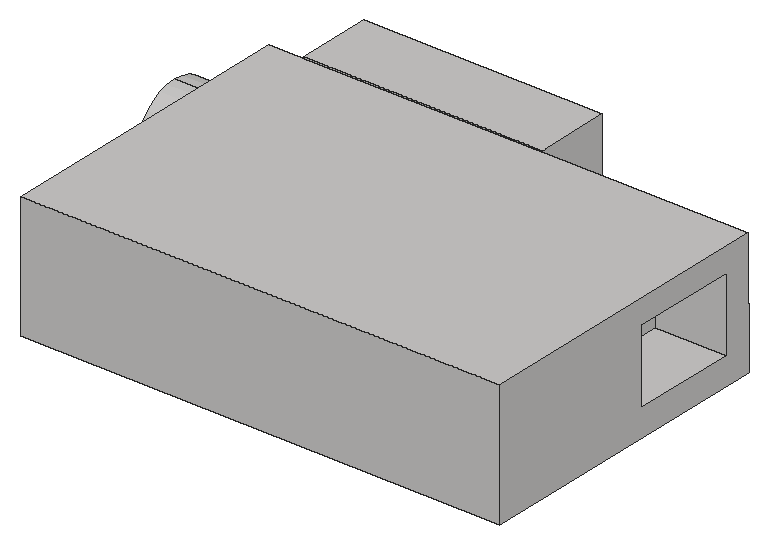
Revit family
Parameters
  Width = 2' - 2"
  Voltage = 208 V
  Unit Weight = "123.0 lbs"
  URL = "http://www.titus-hvac.com/"
  UL = "181"
  Supply Air Flow [instance] = 0 CFM
  Primary Air Pressure Drop [instance] = 0.00 in-wg
  Primary Air Flow [instance] = 0 CFM
  Plenum Air Pressure Drop [instance] = 0.00 in-wg
  Plenum Air Flow [instance] = 0 CFM
  Outlet Width = 0' - 9"
  Outlet Vertical Offset = 0' - 2 1/4"
  Outlet Horizontal Offset = 0' - 2"
  Outlet Height = 0' - 6 1/4"
  Number of Poles = 2
  Nominal Width = Width + 0' 6 1/4"  # 2' - 8 1/4"
  Nominal Length = Length + 0' 3 3/8"  # 3' - 7 5/8"
  Nominal Inlet Size = 0' - 8"
  Nominal Height = 0' - 10 5/8"
  NFPA = "90A"
  Motor Full Load Amps = 2.4 A
  Model = "DFLS"
  Min. Air Flow = 0 CFM
  Max. Air Flow = 900 CFM
  Material = Steel
  Manufacturer = "Titus"
  Length = 3' - 4 1/4"
  Juction Box Offset = 0' - 3"
  Inlet Diameter = Nominal Inlet Size - 0' 0 1/8"  # 0' - 7 7/8"
  Induced Air Inlet Vertical Offset = 0' - 0 5/8"
  Induced Air Inlet Horizontal Offset = 0' - 0 7/8"
  Induced Air Inlet Width = 1' - 2 5/8"
  Induced Air Inlet Height = 0' - 8 3/4"
  Induced Air Filter = no
  Height = 0' - 10 1/2"
  Heating Total Capacity [instance] = 0 Btu/h
  Half Outlet Connection Width = Outlet Width / 2  # 0' - 4 1/2"
  Half Outlet Connection Height = Outlet Height / 2  # 0' - 3 1/8"
  Half Height Start = -(Height / 2)  # -0' - 5 1/4"
  Half Height End = Height / 2  # 0' - 5 1/4"
  HP-Motor = "1/4"
  Frequency = 60 Hz
  Foil Face Liner = Choose Liner Option = 1  # no
  Fiber Free Liner = Choose Liner Option = 2  # no
  Fan Disconnect Switch = no
  Duct Radius = Nominal Inlet Size / 2  # 0' - 4"
  Description = "Series Fan Powered Terminal Unit, Direct Digital Control, Pressure Independent, Low Profile"
  Connection Void Radius = Connection Radius - 0' 0 1/4"  # 0' - 3 11/16"
  Connection Radius = Inlet Diameter / 2  # 0' - 3 15/16"
  Choose Liner Option = 0
  CADworks URL = "www.CADworks.net"
  Assembly Code = "D3040100"
  Apparent Power = Voltage * Motor Full Load Amps  # 499.2 VA
  Air Inlet Offset = 0' - 5 5/8"
  1/2" Fiberglass Liner = Choose Liner Option = 0  # yes
Reference planes (in)
  plane 1 "Center (Front/Back)": y = 0
  plane 2: z = 0
  plane 3 "Center (Left/Right)": x = 3
  plane 4: x = -17.125
  plane 5: x = 23.125
  plane 6: x = -14.125
  plane 7: x = -20.5
  plane 8 "Center (Elevation)": z = 0
  plane 9: y = -13
  plane 10: y = 13
  plane 11: y = 7.375
  plane 12: y = -12.125
  plane 13: y = 19.25
  plane 14: z = 5.25
  plane 15: z = -5.25
  plane 16: x = -11.125
  plane 17: x = 17.125
Forms (in)
  Extrusion 1, solid, material "Steel" <- "Material"
    sketch origin (0, 0, 0) x (1, 0, 0) y (0, 1, 0)
      loop
        line (-17.125, 13) -> (-17.125, -13) -> (23.125, -13) -> (23.125, 13) -> (-17.125, 13)
    from -5.25 <- "Half Height Start" to 5.25 <- "Half Height End"
  Extrusion 2, solid, material "Steel" <- "Material"
    sketch origin (4.5, 0, -4.25) x (1, 0, 0) y (0, 1, 0)
      loop
        line (-18.625, 13) -> (1.375, 13) -> (1.375, 19.25) -> (-18.625, 19.25) -> (-18.625, 13)
    from 0 to 9.625
  Extrusion 3, void
    sketch origin (23.125, 13, -0.5) x (0, 1, 0) y (0, 0, -1)
      loop
        line (-2.25, -3.75) -> (-2.25, 2.5) -> (-11.25, 2.5) -> (-11.25, -3.75) -> (-2.25, -3.75)
    from 0 to 6
  Extrusion 4, solid, material "Steel" <- "Material"
    sketch origin (-24.875, -5.125, 0) x (0, 0, -1) y (0, 1, 0)
      loop
        circle (0, 12.5) r 3.9375
    from 4.375 to 7.75
  Extrusion 5, void
    sketch origin (-24.875, 0, 0) x (0, 1, 0) y (0, 0, 1)
      loop
        circle (7.375, 0) r 3.6875
    from 4.375 to 13.75
  Extrusion 6, void
    sketch origin (-17.125, -13, 0) x (0, -1, 0) y (0, 0, -1)
      loop
        line (-15.5, -4.125) -> (-0.875, -4.125) -> (-0.875, 4.625) -> (-15.5, 4.625) -> (-15.5, -4.125)
    from 0 to 6
Cuts and joins
  Extrusion 3, Extrusion 5, Extrusion 6 cuts Extrusion 1
  Extrusion 5 cuts Extrusion 4
Dimensions and locks (in)
  "Length": plane 5 to plane 4
  equal spacing: plane 5, plane 3 "Center (Left/Right)", plane 4, locked at 20.125 each
  locked: Extrusion 2 to Extrusion 2 at 20
  "Juction Box Offset": plane 6 to plane 4
  "Outlet Height": Extrusion 3 sketch curve to Extrusion 3 sketch curve
  "Outlet Width": Extrusion 3 sketch curve to Extrusion 3 sketch curve
  locked: plane 4 to plane 7 at 3.375
  "Width": plane 9 to plane 10
  equal spacing: plane 9, plane 1 "Center (Front/Back)", plane 10, locked at 13 each
  locked: Extrusion 2 to Extrusion 2 at 6.25
  locked: cut or joined group of Extrusion 4, Extrusion 5 to plane 11 at 0
  locked: Extrusion 5 sketch curve to plane 11 at 0  (x2)
  "Air Inlet Offset": plane 10 to plane 11
  locked: cut or joined group of Extrusion 4, Extrusion 5 to cut or joined group of Extrusion 4, Extrusion 5 at 3.375
  "Outlet Horizontal Offset": Extrusion 3 sketch curve to cut or joined group of Extrusion 1, Extrusion 3, Extrusion 5, Extrusion 6
  "Induced Air Inlet Horizontal Offset": plane 9 to plane 12
  "Induced Air Inlet Width": Extrusion 6 sketch curve to Extrusion 6 sketch curve
  "Induced Air Inlet Height": Extrusion 6 sketch curve to Extrusion 6 sketch curve
  "Induced Air Inlet Horizontal Offset": Extrusion 6 sketch curve to plane 9
  "Outlet Vertical Offset": Extrusion 3 sketch curve to plane 10
  locked: Extrusion 4 sketch curve to level at 0
  locked: Extrusion 4 sketch curve to plane 11 at 0
  locked: Extrusion 5 sketch curve to level at 0
  "Induced Air Inlet Vertical Offset": cut or joined group of Extrusion 1, Extrusion 3, Extrusion 5, Extrusion 6 to Extrusion 6 sketch curve
  locked: Extrusion 2 to Extrusion 2 at 9.625
  locked: plane 15 to Extrusion 2 at 1
  equal spacing: plane 14, level, plane 15, locked at 5.25 each
  locked: plane 4 to plane 16 at 6
  locked: plane 17 to plane 5 at 6
  "Connection Radius": radius of Extrusion 4 sketch curve
  "Connection Void Radius": radius of Extrusion 5 sketch curve
  aligned and locked: plane 13 to Extrusion 2
  aligned and locked: plane 6 to Extrusion 2
  aligned and locked: plane 10 to cut or joined group of Extrusion 1, Extrusion 3, Extrusion 5, Extrusion 6
  aligned and locked: plane 4 to cut or joined group of Extrusion 1, Extrusion 3, Extrusion 5, Extrusion 6  (x2)
  aligned and locked: plane 5 to cut or joined group of Extrusion 1, Extrusion 3, Extrusion 5, Extrusion 6  (x2)
  aligned and locked: plane 9 to cut or joined group of Extrusion 1, Extrusion 3, Extrusion 5, Extrusion 6
  aligned and locked: plane 14 to cut or joined group of Extrusion 1, Extrusion 3, Extrusion 5, Extrusion 6
  aligned and locked: plane 15 to cut or joined group of Extrusion 1, Extrusion 3, Extrusion 5, Extrusion 6
  aligned and locked: plane 10 to Extrusion 2
  aligned and locked: Extrusion 3 to plane 17
  aligned and locked: Extrusion 6 to Extrusion 5
  aligned and locked: plane 17 to cut or joined group of Extrusion 1, Extrusion 3, Extrusion 5, Extrusion 6
  aligned and locked: plane 16 to cut or joined group of Extrusion 1, Extrusion 3, Extrusion 5, Extrusion 6  (x2)
  aligned and locked: plane 7 to cut or joined group of Extrusion 4, Extrusion 5  (x2)
  aligned and locked: plane 4 to cut or joined group of Extrusion 4, Extrusion 5
  aligned and locked: plane 12 to cut or joined group of Extrusion 1, Extrusion 3, Extrusion 5, Extrusion 6
Automatic sketch dimensions
  Extrusion 1 sketch curve to plane 4 = 0' - 0"
  plane 5 to Extrusion 1 sketch curve = 0' - 0"
  Extrusion 1 sketch curve to plane 9 = 0' - 0"
  Extrusion 1 sketch curve to plane 10 = 0' - 0"
  Extrusion 2 sketch curve to plane 6 = 0' - 0"
  Extrusion 2 sketch curve to plane 10 = 0' - 0"
  Extrusion 2 sketch curve to plane 5 = 1' - 5 1/4"
  Extrusion 2 sketch curve to Extrusion 2 sketch curve = 0' - 6 1/4"
Connectors (in)
  electrical at (-4.125, 19.25, 0.5625), driven by "Apparent Power", driven by "Voltage", driven by "Number of Poles"
    settings: on Extrusion 2, index 8
  hvac at (-20.5, 7.375, 0), driven by "Duct Radius", driven by "Primary Air Pressure Drop", driven by "Primary Air Flow"
    settings: on cut or joined group of Extrusion 4, Extrusion 5, index 9
  hvac at (-17.125, -4.8125, -0.25), driven by "Induced Air Inlet Height", driven by "Induced Air Inlet Width", driven by "Plenum Air Pressure Drop", driven by "Plenum Air Flow"
    settings: on cut or joined group of Extrusion 1, Extrusion 3, Extrusion 5, Extrusion 6, index 10
  hvac at (23.125, 6.25, 0.125), driven by "Outlet Height", driven by "Outlet Width", driven by "Supply Air Flow"
    settings: on cut or joined group of Extrusion 1, Extrusion 3, Extrusion 5, Extrusion 6, index 11
